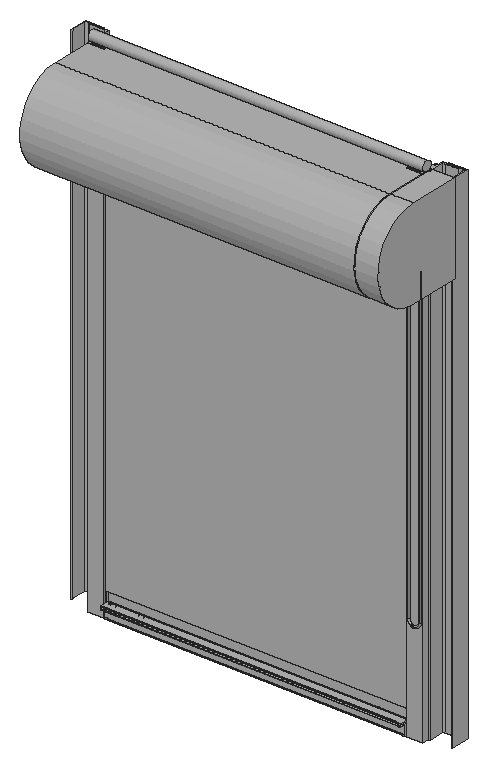
Revit family "Door-Fire_AlarmGard_BetweenJambMount_Cookson", category Doors, host Wall, Revit 2013
Parameters (values of type "Hand-Chain Operated, Galvanized Steel")
  Sizing Disclaimer = "30’ wide, 30’ high standard construction. Large Openings to 50’ wide, 40’ high consult factory. "  # constant formula
  Revit Object Download Link = "http://cornellcookson.smartbim.com/download/Door_Fire_AlarmGard_BetweenJambMount_Cookson"
  Mounting = "Between Jambs"  # constant formula
  Motor = no
  Function = Interior
  Curtain 2 5/8" slat = Galvanized steel (curtain only)
  Chain = yes
  Bottom Bar = Galvanized or plain steel(non curtain components)
  Guides = Galvanized or plain steel(non curtain components)
  Hood = Galvanized or plain steel(non curtain components)
  URL Specifications = "http://www.cooksondoor.com/docs/default-source/Specifications/fire-door-specification_k.doc"
  URL Photographs = "http://www.cooksondoor.com/product/rolling-fire-doors"
  URL CAD = "http://www.cooksondoor.com/architect-tools-and-resources/drawing-generator?prod=fire"
  URL = "http://www.cooksondoor.com/product/rolling-fire-doors"
  Subcategory = "Overhead Doors"  # constant formula
  Optional Powder Coated Finish, standard RAL colors, Galv. Steel only = no
  Operator = Operator : Hand-Chain
  Representative Disclaimer = "Cookson products are sold and installed through a nationwide network of independent distributors."  # constant formula
  Distributor Locator = "http://www.cooksondoor.com/find-a-dealer"
  Operator Width = (Width - 2 * 0' 2 1/4")  # 5' - 7 1/2"
  Operation = ""
  From Coil Side Operate on Right = yes
  From Coil Side Operate on Left = not(From Coil Side Operate on Right)  # no
  Model = "ERD10 "  # constant formula
  Manufacturer = "CornellCookson,Inc."  # constant formula
  LEED Information = "http://www.cornelliron.com/architect-tools-and-resources/leed-information"
  Height = 8' - 0"
  Wall Closure = By host
  Width = 6' - 0"
  Description = "Rated physical fire barriers, also security and access control. Not for part of required means of egress."  # constant formula
  Operator Height = Height / 1.5  # 5' - 4"
  Assembly Code = "B2030410"
  95 CSI = "08330"  # constant formula
  Wall Construction = "Masonry or Steel"  # constant formula
  Listings = "UL Classified 4, 3, 1 ½, 1 and ¾ hour labels. Factory Mutual approval listing."  # constant formula
  Smoke Control = "UL leakage rated assembly “S” label available. "  # constant formula
  Windload = "A full range of specific wind load requirements available- consult Cornell. "  # constant formula
  Coil Dimension Note = "14In to 25In -  Consult Cornell when dimensions are critical."  # constant formula
  Jamb Dimension Note = "7 3/4In to 11In wide. Consult Cornell when dimensions are critical."  # constant formula
  04 CSI = "08 33 00"  # constant formula
Types (4): name | Motor | Curtain 2 5/8" slat | Chain | Bottom Bar | Guides | Hood | Operator
  Hand-Chain Operated, Galvanized Steel | no | Galvanized steel (curtain only) | yes | Galvanized or plain steel(non curtain components) | Galvanized or plain steel(non curtain components) | Galvanized or plain steel(non curtain components) | Operator : Hand-Chain
  Hand-Chain Operated, Stainless Steel | no | Stainless steel (curtain only) | yes | Stainless steel (non-curtain components) | Stainless steel (non-curtain components) | Stainless steel (non-curtain components) | Operator : Hand-Chain
  Motor Operated, Galvanized Steel | yes | Galvanized steel (curtain only) | no | Galvanized or plain steel(non curtain components) | Galvanized or plain steel(non curtain components) | Galvanized or plain steel(non curtain components) | Operator : Motor Operator
  Motor Operated, Stainless Steel | yes | Stainless steel (curtain only) | no | Stainless steel (non-curtain components) | Stainless steel (non-curtain components) | Stainless steel (non-curtain components) | Operator : Motor Operator
Reference planes (in)
  plane 1 "Center (Front/Back)": y = 0
  plane 2 "Center (Left/Right)": x = 36
  plane 3 "Left": x = 0
  plane 4 "Right": x = 72
  plane 5 "Top": z = 96
  plane 6 "Wall Edge": y = -3
  plane 7 "Left Edge of Hood": x = -6.75
  plane 8: y = -3
  plane 9 "Right Edge of Hood": x = 78.75
  plane 10 "Top of Hood": z = 118.35156
  plane 11: y = -21
  plane 12: z = 101
  plane 13 "Bottom Bar Alignment": y = -4.8765
  plane 14: z = 4.39975
  plane 15: y = -2.12013
  plane 16: x = 6.25135
  plane 17: x = 65.74865
  plane 18: x = 4.9375
  plane 19: z = 4.39975
  plane 20: x = 69.75
  plane 21: y = -10.65733
  plane 22: y = -18.31465
  plane 23: z = 87.32422
  plane 24: z = 78.64844
  plane 25: x = -3
  plane 26: y = -19.12488
  plane 27: y = -30.49988
  plane 28: y = -19.12488
Forms (in)
  Sweep 1, solid, material "Galvanized or plain steel(non curtain components)" <- "Hood"
    path origin (0, -3, -22) x (-1, 0, 0) y (0, 0, 1)
      loop
        line (-67.5, 101) -> (-4.5, 101)
    profile "Profile_Hood : Profile_Hood" origin (36, -3, 79) x (0, 0, 1) y (0, 1, 0)
      loop
        line (17.00521, 1.875) -> (0, 1.875) -> (0, -7.16941)
        arc (0, -7.16941) -> (-1.75191, -7.3972) -> (0, -7.625) r 0.89077
        arc (0, -7.625) -> (8.5, -16.125) -> (17, -7.625) r 8.5
        line (17, -7.625) -> (17, 0.77714)
        arc (17, 0.77714) -> (18.75706, 0.97356) -> (17.00521, 1.21203) r 0.89077
        line (17.00521, 1.21203) -> (17.00521, 1.875)
  Sweep 2, solid, material "Galvanized or plain steel(non curtain components)" <- "Bottom Bar"
    path origin (-8.76514, -3, 48) x (-1, 0, 0) y (0, 0, 1)
      loop
        line (-73.01514, -48) -> (-16.51514, -48)
    profile "Profile_BottomBar : Profile_BottomBar" origin (36, -3, 0) x (0, 0, 1) y (0, 1, 0)
      loop
        arc (2.58725, 1.01891) -> (2.54306, 1.03721) -> (2.52475, 1.08141) r 0.0625
        line (2.52475, 1.08141) -> (2.52475, 2.83141)
        arc (2.52475, 2.83141) -> (2.50644, 2.8756) -> (2.46225, 2.89391) r 0.0625
        line (2.46225, 2.89391) -> (2.39975, 2.89391) -> (2.39975, 0.89391) -> (2.33875, 0.89391) -> (2.33875, 1.03591)
        arc (2.33875, 1.03591) -> (2.24825, 1.12641) -> (2.15775, 1.03591) r 0.0905
        line (2.15775, 1.03591) -> (2.15775, 0.94141) -> (2.09375, 0.94141) -> (2.09375, 2.72516) -> (1.96875, 2.72516) -> (1.96875, 1.97516)
        arc (1.96875, 1.97516) -> (1.93214, 1.88677) -> (1.84375, 1.85016) r 0.125
        line (1.84375, 1.85016) -> (0.25, 1.85016)
        arc (0.25, 1.85016) -> (0.07322, 1.77693) -> (0, 1.60016) r 0.25
        line (0, 1.60016) -> (0, 0.10016)
        arc (0, 0.10016) -> (0.07322, -0.07662) -> (0.25, -0.14984) r 0.25
        line (0.25, -0.14984) -> (1.84375, -0.14984)
        arc (1.84375, -0.14984) -> (1.93214, -0.18646) -> (1.96875, -0.27484) r 0.125
        line (1.96875, -0.27484) -> (1.96875, -1.02484) -> (2.09375, -1.02484) -> (2.09375, 0.81641) -> (2.15775, 0.81641) -> (2.15775, 0.72191)
        arc (2.15775, 0.72191) -> (2.24825, 0.63141) -> (2.33875, 0.72191) r 0.0905
        line (2.33875, 0.72191) -> (2.33875, 0.86391) -> (2.39975, 0.86391) -> (2.39975, -1.13609) -> (2.46225, -1.13609)
        arc (2.46225, -1.13609) -> (2.50644, -1.11779) -> (2.52475, -1.07359) r 0.0625
        line (2.52475, -1.07359) -> (2.52475, 0.67641)
        arc (2.52475, 0.67641) -> (2.54306, 0.7206) -> (2.58725, 0.73891) r 0.0625
        line (2.58725, 0.73891) -> (4.33725, 0.73891)
        arc (4.33725, 0.73891) -> (4.38144, 0.75721) -> (4.39975, 0.80141) r 0.0625
        line (4.39975, 0.80141) -> (4.39975, 0.95641)
        arc (4.39975, 0.95641) -> (4.38144, 1.0006) -> (4.33725, 1.01891) r 0.0625
        line (4.33725, 1.01891) -> (2.58725, 1.01891)
  Extrusion 3, solid, material "Galvanized or plain steel(non curtain components)" <- "Hood"
    sketch origin (0, -0.73439, 101.99245) x (1, 0, 0) y (0, 1, 0)
      loop
        line (4.9375, -0.39061) -> (67.0625, -0.39061) -> (67.0625, -0.26561) -> (4.9375, -0.26561) -> (4.9375, -0.39061)
    from -23.34401 to -5.99245
  Extrusion 4, solid, material "Galvanized steel (curtain only)" <- "Curtain 2 5/8" slat"
    sketch origin (0, 0, 0) x (1, 0, 0) y (0, 1, 0)
      loop
        line (5.5625, -1.875) -> (5.5625, -2.5) -> (66.4375, -2.5) -> (66.4375, -1.875) -> (5.5625, -1.875)
    from 4.39975 to 78.64844
Lines and regions (in)
  Opening 1
    outline origin (-90, -3, 0) x (1, 0, 0) y (0, 0, 1)
      loop
        line (90, 0) -> (162, 0) -> (162, 96) -> (90, 96) -> (90, 0)
  symbolic lines, style "Roller Chamber"
    curve 1: line (4.5, -3, 0) -> (0, -3, 0)
    curve 2: line (72, -3, 0) -> (67.5, -3, 0)
  symbolic lines, style "Doors"
    curve 3: line (66.4375, -1.875, 0) -> (5.5625, -1.875, 0)
    curve 4: line (5.5625, -1.875, 0) -> (5.5625, -2.5, 0)
    curve 5: line (5.5625, -2.5, 0) -> (66.4375, -2.5, 0)
    curve 6: line (66.4375, -2.5, 0) -> (66.4375, -1.875, 0)
    curve 7: line (64.25, -0.10609, 0) -> (7.75, -0.10609, 0)
    curve 8: line (64.25, -4.13609, 0) -> (64.25, -2.5, 0)
    curve 9: line (7.75, -4.13609, 0) -> (64.25, -4.13609, 0)
    curve 10: line (7.75, -0.10609, 0) -> (7.75, -1.875, 0)
    curve 11: line (7.75, -2.5, 0) -> (7.75, -4.13609, 0)
    curve 12: line (64.25, -1.875, 0) -> (64.25, -0.10609, 0)
Text (in)
  text "Exterior" at (-74.96733, 27.31104, 0), in view "Ref. Level"
  text "Interior" at (-74.96733, -25.14366, 0), in view "Ref. Level"
  text "Exterior" at (0, 40.15149, 123.01588), in view "Right"
  text "Interior" at (0, -64.39139, 123.01588), in view "Right"
  text "Interior" at (0, -63.63426, 123.00693), in view "Left"
  text "Exterior" at (0, 54.57065, 123.00693), in view "Left"
Dimensions and locks (in)
  equal spacing: plane 3 "Left", plane 2 "Center (Left/Right)", plane 4 "Right"
  "Height": level to plane 5 "Top"
  "Width": plane 3 "Left" to plane 4 "Right"
  locked: plane 7 "Left Edge of Hood" to plane 3 "Left" at 6.75
  locked: plane 8 to plane 6 "Wall Edge"
  locked: plane 9 "Right Edge of Hood" to plane 4 "Right" at 6.75
  locked: plane 8 to plane 11 at 18
  locked: plane 12 to plane 5 "Top" at 5
  locked: plane 10 "Top of Hood" to plane 12 at 17.35156
  locked: plane 13 "Bottom Bar Alignment" to plane 8 at 1.8765
  locked: level to plane 14 at 4.39975
  locked: plane 15 to host wall at 2.12013
  locked: plane 3 "Left" to plane 16 at 6.25135
  locked: plane 17 to plane 4 "Right" at 6.25135
  locked: Extrusion 3 sketch curve to Extrusion 3 sketch curve at 0.125
  locked: Extrusion 3 to Extrusion 3 at 0.125
  locked: plane 18 to plane 16 at 1.31385
  locked: level to plane 19 at 4.39975
  Extrusion 3 to Extrusion 3 = 1' - 5 45/128"
  equal spacing: Sweep 1, plane 20, plane 4 "Right"
  equal spacing: plane 6 "Wall Edge", plane 21, plane 22
  locked: plane 8 to plane 22 at 15.31465
  equal spacing: plane 5 "Top", plane 23, plane 24
  locked: plane 5 "Top" to plane 24 at 17.35156
  plane 25 to plane 3 "Left" to Sweep 1 = 0' - 3", 0' - 4 1/2"
  locked: plane 11 to plane 26 at 1.87512
  locked: Sweep 1 to Extrusion 3 sketch curve at 0
  locked: plane 18 to Extrusion 4 sketch curve at 0.625
  locked: Extrusion 4 sketch curve to nested 2 at 0.625
  locked: nested 2 to Extrusion 4 sketch curve at 0.25
  locked: Extrusion 4 sketch curve to Extrusion 4 sketch curve at 0.625
  Sweep 1 to Sweep 1 = 1' - 5"
  locked: plane 28 to plane 27 at 11.375
  locked: host wall to plane 28 at 16.12488
  aligned and locked: plane 3 "Left" to Opening 1 sketch curve
  aligned and locked: plane 5 "Top" to Opening 1 sketch curve  (x2)
  aligned and locked: Opening 1 sketch curve to plane 4 "Right"
  aligned and locked: Opening 1 sketch curve to level
  aligned and locked: plane 6 "Wall Edge" to host wall
  aligned and locked: plane 8 to nested 1
  aligned and locked: nested 2 to plane 8
  aligned and locked: nested 1 to Sweep 1 sketch curve
  aligned and locked: nested 2 to Sweep 1 sketch curve
  aligned and locked: plane 3 "Left" to nested 1
  aligned and locked: plane 4 "Right" to nested 2
  aligned and locked: plane 18 to nested 1
  aligned and locked: nested 1 to Extrusion 3
  aligned and locked: Extrusion 3 to nested 2
  aligned and locked: nested 2 to Sweep 2 sketch curve
  aligned and locked: nested 1 to Sweep 2 sketch curve
  aligned and locked: plane 3 "Left" to curve 1
  aligned and locked: Sweep 1 to curve 1
  aligned and locked: plane 6 "Wall Edge" to curve 1
  aligned and locked: plane 4 "Right" to curve 2
  aligned and locked: plane 6 "Wall Edge" to curve 2
  aligned and locked: Extrusion 4 to plane 19
  aligned and locked: Extrusion 4 to plane 24
  aligned and locked: plane 26 to nested 3  (x2)
  aligned and locked: nested 3 to plane 5 "Top"
  aligned and locked: plane 27 to nested 3
  aligned and locked: plane 28 to nested 3
  aligned and locked: Sweep 1 to plane 5 "Top"
  aligned and locked: plane 2 "Center (Left/Right)" to nested 3
  aligned and locked: plane 24 to Extrusion 3
  aligned and locked: Extrusion 3 to plane 5 "Top"
  aligned and locked: Sweep 1 to curve 2
  aligned and locked: level to nested 2
  aligned and locked: nested 1 to level
  aligned and locked: plane 19 to Sweep 2
  aligned and locked: curve 3 to Extrusion 4
  aligned and locked: curve 4 to Extrusion 4
  aligned and locked: curve 5 to Extrusion 4
  aligned and locked: curve 6 to Extrusion 4
  aligned and locked: curve 8 to Sweep 2
  aligned and locked: Sweep 2 to curve 9
  aligned and locked: curve 10 to Sweep 2
Automatic sketch dimensions
  Sweep 1 sketch curve to plane 24 = 0' - 0 45/128"
  Sweep 2 sketch curve to level = 0' - 0"
  Extrusion 3 sketch curve to plane 18 = 0' - 0"
  plane 17 to Extrusion 3 sketch curve = 0' - 1.31385"
  curve 4 to plane 18 = 0' - 0 5/8"
  plane 15 to curve 6 = 0' - 0.24513"
  plane 17 to curve 6 = 0' - 0.68885"
  host wall to curve 7 = 0' - 0.10609"
  curve 11 to plane 15 = 0' - 0.37987"
  plane 15 to curve 12 = 0' - 0.24513"
  curve 12 to plane 17 = 0' - 1.49865"
  curve 8 to plane 15 = 0' - 0.37987"
  curve 11 to plane 16 = 0' - 1.49865"
  plane 15 to curve 10 = 0' - 0.24513"
Nested families (in)
  nested 1: "Jamb_Guide-Wall" at (2.25, 1.75, 0), type "Guide"
  nested 2: "Jamb_Guide-Wall" at (69.75, 1.75, 0) x (-1, 0, 0) z (0, 0, 1), type "Guide"
  nested 3: "Operator" at (36, -1.12488, 23.50391), type <- "Operator", type "Hand-Chain"
Definition of nested family "Jamb_Guide-Wall"
  Parameters (values of type "Guide")
    Height = 8' - 0"
    Guide = Galvanized or plain steel(non curtain components)
    Assembly Code = ""
  Reference planes (in)
    plane 1 "Center (Front/Back)": y = 0
    plane 2: z = 0
    plane 3 "Center (Left/Right)": x = 0
    plane 4: z = 96
    plane 5 "Center Line": x = 4.5
    plane 6: y = -0.25
    plane 7: y = -3.75
    plane 8: y = -3.5
    plane 9: x = 5.5
    plane 10: x = -2.25
    plane 11: y = 0.25
    plane 12: y = -4.75
    plane 13: y = -2.25
  Forms (in)
    Extrusion 1, solid, material "Galvanized or plain steel(non curtain components)" <- "Guide"
      sketch origin (0, 0, 0) x (1, 0, 0) y (0, 1, 0)
        loop
          line (-1, -0.25) -> (1.625, -0.25)
          arc (1.625, -0.25) -> (1.89017, -0.35983) -> (2, -0.625) r 0.375
          line (2, -0.625) -> (2, -3.25)
          arc (2, -3.25) -> (2.07322, -3.42678) -> (2.25, -3.5) r 0.25
          line (2.25, -3.5) -> (2.25, -4.75) -> (5.25, -4.75)
          arc (5.25, -4.75) -> (5.17678, -4.57322) -> (5, -4.5) r 0.25
          line (5, -4.5) -> (2.875, -4.5)
          arc (2.875, -4.5) -> (2.60983, -4.39017) -> (2.5, -4.125) r 0.375
          line (2.5, -4.125) -> (2.5, -3.062) -> (4, -3.062) -> (4, -3.4375) -> (4.75, -3.4375) -> (4.75, -3.062) -> (5.5, -3.062)
          arc (5.5, -3.062) -> (5.44508, -2.92942) -> (5.3125, -2.8745) r 0.1875
          line (5.3125, -2.8745) -> (3, -2.8745)
          arc (3, -2.8745) -> (2.77903, -2.78297) -> (2.6875, -2.562) r 0.3125
          line (2.6875, -2.562) -> (2.6875, -1.2495)
          arc (2.6875, -1.2495) -> (2.63258, -1.11692) -> (2.5, -1.062) r 0.1875
          line (2.5, -1.062) -> (2.5, -1.5)
          arc (2.5, -1.5) -> (2.42678, -1.32322) -> (2.25, -1.25) r 0.25
          line (2.25, -1.25) -> (2.25, 0) -> (-1.25, 0)
          arc (-1.25, 0) -> (-1.17678, -0.17678) -> (-1, -0.25) r 0.25
      from 0 to 96
    Extrusion 2, solid, material "Galvanized or plain steel(non curtain components)" <- "Guide"
      sketch origin (0, 0.25, 0) x (-1, 0, 0) y (0, -1, 0)
        loop
          arc (-1, 0.25) -> (-1.17678, 0.17678) -> (-1.25, 0) r 0.25
          line (-1.25, 0) -> (2.25, 0) -> (2.25, 3.5)
          arc (2.25, 3.5) -> (2.07322, 3.42678) -> (2, 3.25) r 0.25
          line (2, 3.25) -> (2, 0.625)
          arc (2, 0.625) -> (1.89017, 0.35983) -> (1.625, 0.25) r 0.375
          line (1.625, 0.25) -> (-1, 0.25)
      from 0 to 96
  Lines and regions (in)
    symbolic lines
      curve 1: line (2.25, 0, 0) -> (2.25, -4.75, 0)
      curve 2: line (2.5, -3.5, 0) -> (2.5, -1.5, 0)
      curve 3: line (4, -3.062, 0) -> (4.75, -3.062, 0)
    symbolic lines, style "GenericModel"
      curve 4: line (-2, -3, 0) -> (-2, -0.375, 0)
      curve 5: arc (-2.25, -3.25, 0) -> (-2.07322, -3.17678, 0) -> (-2, -3, 0) r 0.25
      curve 6: line (-2.25, 0.25, 0) -> (-2.25, -3.25, 0)
      curve 7: line (1.25, 0.25, 0) -> (-2.25, 0.25, 0)
      curve 8: arc (-2, -0.375, 0) -> (-1.89017, -0.10983, 0) -> (-1.625, 0, 0) r 0.375
      curve 9: line (-1.625, 0, 0) -> (1, 0, 0)
      curve 10: arc (1, 0, 0) -> (1.17678, 0.07322, 0) -> (1.25, 0.25, 0) r 0.25
      curve 11: line (2.25, 0, 0) -> (-1.25, 0, 0)
      curve 12: line (-1, -0.25, 0) -> (1.625, -0.25, 0)
      curve 13: arc (-1.25, 0, 0) -> (-1.17678, -0.17678, 0) -> (-1, -0.25, 0) r 0.25
      curve 14: arc (1.625, -0.25, 0) -> (1.89017, -0.35983, 0) -> (2, -0.625, 0) r 0.375
      curve 15: line (2.25, -1.25, 0) -> (2.25, 0, 0)
      curve 16: line (2, -0.625, 0) -> (2, -3.25, 0)
      curve 17: arc (2, -3.25, 0) -> (2.07322, -3.42678, 0) -> (2.25, -3.5, 0) r 0.25
      curve 18: arc (2.5, -1.5, 0) -> (2.42678, -1.32322, 0) -> (2.25, -1.25, 0) r 0.25
      curve 19: line (2.5, -1.062, 0) -> (2.5, -1.5, 0)
      curve 20: arc (2.6875, -1.2495, 0) -> (2.63258, -1.11692, 0) -> (2.5, -1.062, 0) r 0.1875
      curve 21: line (2.6875, -2.562, 0) -> (2.6875, -1.2495, 0)
      curve 22: arc (3, -2.8745, 0) -> (2.77903, -2.78297, 0) -> (2.6875, -2.562, 0) r 0.3125
      curve 23: line (5.3125, -2.8745, 0) -> (3, -2.8745, 0)
      curve 24: line (2.5, -3.062, 0) -> (4, -3.062, 0)
      curve 25: line (4, -3.062, 0) -> (4, -3.4375, 0)
      curve 26: line (4, -3.4375, 0) -> (4.75, -3.4375, 0)
      curve 27: line (4.75, -3.4375, 0) -> (4.75, -3.062, 0)
      curve 28: line (4.75, -3.062, 0) -> (5.5, -3.062, 0)
      curve 29: arc (5.5, -3.062, 0) -> (5.44508, -2.92942, 0) -> (5.3125, -2.8745, 0) r 0.1875
      curve 30: arc (2.875, -4.5, 0) -> (2.60983, -4.39017, 0) -> (2.5, -4.125, 0) r 0.375
      curve 31: line (5, -4.5, 0) -> (2.875, -4.5, 0)
      curve 32: line (2.5, -4.125, 0) -> (2.5, -3.062, 0)
      curve 33: arc (5.25, -4.75, 0) -> (5.17678, -4.57322, 0) -> (5, -4.5, 0) r 0.25
      curve 34: line (2.25, -4.75, 0) -> (5.25, -4.75, 0)
      curve 35: line (2.25, -3.5, 0) -> (2.25, -4.75, 0)
  Dimensions and locks (in)
    "Height": plane 4 to plane 2
    locked: plane 3 "Center (Left/Right)" to plane 5 "Center Line" at 4.5
    equal spacing: plane 11, plane 13, plane 12
    aligned and locked: plane 2 to level
    aligned and locked: plane 1 "Center (Front/Back)" to Extrusion 1 sketch curve
    aligned and locked: plane 6 to Extrusion 1
    aligned and locked: plane 4 to Extrusion 1
    aligned and locked: curve 1 to Extrusion 1
    aligned and locked: plane 8 to curve 2
    aligned and locked: Extrusion 1 to curve 2
    aligned and locked: Extrusion 1 to curve 3
    aligned and locked: plane 4 to Extrusion 2
    aligned and locked: curve 4 to Extrusion 2
    aligned and locked: curve 5 to Extrusion 2
    aligned and locked: curve 6 to Extrusion 2
    aligned and locked: curve 7 to Extrusion 2
    aligned and locked: curve 8 to Extrusion 2
    aligned and locked: curve 10 to Extrusion 2
    aligned and locked: curve 11 to Extrusion 1
    aligned and locked: curve 13 to Extrusion 1
    aligned and locked: curve 14 to Extrusion 1
    aligned and locked: curve 15 to Extrusion 1
    aligned and locked: curve 17 to Extrusion 1
    aligned and locked: curve 18 to Extrusion 1
    aligned and locked: curve 19 to Extrusion 1
    aligned and locked: curve 20 to Extrusion 1
    aligned and locked: curve 22 to Extrusion 1
    aligned and locked: curve 24 to Extrusion 1
    aligned and locked: curve 25 to Extrusion 1
    aligned and locked: curve 26 to Extrusion 1
    aligned and locked: curve 27 to Extrusion 1
    aligned and locked: curve 28 to Extrusion 1
    aligned and locked: curve 29 to Extrusion 1
    aligned and locked: curve 30 to Extrusion 1
    aligned and locked: curve 33 to Extrusion 1
    aligned and locked: curve 34 to Extrusion 1
    aligned and locked: curve 35 to Extrusion 1
  Automatic sketch dimensions
    Extrusion 1 sketch curve to plane 6 = 0' - 0"
    Extrusion 1 sketch curve to plane 8 = 0' - 0"
    Extrusion 1 sketch curve to plane 3 "Center (Left/Right)" = 0' - 1 1/4"
    Extrusion 1 sketch curve to plane 6 = 0' - 0 3/8"
    plane 3 "Center (Left/Right)" to Extrusion 1 sketch curve = 0' - 1 5/8"
    Extrusion 1 sketch curve to Extrusion 1 sketch curve = 0' - 0 1/4"  (x5)
    Extrusion 1 sketch curve to Extrusion 1 sketch curve = 0' - 0 3/16"  (x2)
    Extrusion 1 sketch curve to Extrusion 1 sketch curve = 0' - 0 3/8"
    Extrusion 1 sketch curve to Extrusion 1 sketch curve = 0' - 0 5/16"
    Extrusion 1 sketch curve to plane 5 "Center Line" = 0' - 0 1/2"
    plane 5 "Center Line" to Extrusion 1 sketch curve = 0' - 0 1/4"
    plane 5 "Center Line" to Extrusion 1 sketch curve = 0' - 0 1/2"
    Extrusion 1 sketch curve to Extrusion 1 sketch curve = 0' - 0 9/16"
    plane 7 to Extrusion 1 sketch curve = 0' - 0 3/8"
    Extrusion 1 sketch curve to plane 8 = 0' - 0 1/16"
    Extrusion 1 sketch curve to Extrusion 1 sketch curve = 0' - 0.3755"  (x2)
    Extrusion 1 sketch curve to Extrusion 1 sketch curve = 0' - 0 7/8"
    Extrusion 1 sketch curve to Extrusion 1 sketch curve = 0' - 0.2505"
    Extrusion 2 sketch curve to plane 1 "Center (Front/Back)" = 0' - 0 1/4"
    plane 6 to Extrusion 2 sketch curve = 0' - 0 1/4"
    plane 3 "Center (Left/Right)" to Extrusion 2 sketch curve = 0' - 1 1/4"
    Extrusion 2 sketch curve to plane 6 = 0' - 0 1/8"
    Extrusion 2 sketch curve to plane 3 "Center (Left/Right)" = 0' - 1 5/8"
    Extrusion 2 sketch curve to plane 8 = 0' - 0 1/4"
    Extrusion 2 sketch curve to Extrusion 2 sketch curve = 0' - 0 1/4"
    curve 4 to plane 8 = 0' - 0 1/2"
    curve 5 to plane 10 = 0' - 0"
    curve 11 to curve 12 = 0' - 0 1/4"
    curve 2 to curve 15 = 0' - 0 1/4"
Definition of nested family "Operator"
  Parameters (values of type "Motor Operator")
    Width = 6' - 0"
    Straight = no
    Right Visibility = yes
    Operator Height = 5' - 4"
    Motor Visibility = not(Motor)  # no
    Motor = yes
    Material = Galvanized or plain steel(non curtain components)
    Left Visibility = no
    Chain = no
    Bottom Bar = Galvanized or plain steel(non curtain components)
    Assembly Code = ""
  Types (2): name | Straight | Motor Visibility | Motor | Chain
    Hand-Chain | yes | yes | no | yes
    Motor Operator | no | no | yes | no
  Reference planes (in)
    plane 1 "Center (Front/Back)": y = 0
    plane 2: z = 0
    plane 3 "Center (Left/Right)": x = 0
    plane 4: x = 36
    plane 5: x = -36
    plane 6: x = 31.5
    plane 7: x = -31.5
    plane 8: y = -18
  Lines and regions (in)
    symbolic lines, style "GenericModelHiddenLines", visible <- "Right Visibility"
      curve 1: line (-31.5, -18, 0) -> (10.5, -18, 0)
    symbolic lines, style "GenericModelHiddenLines", visible <- "Left Visibility"
      curve 2: line (-10.5, -18, 0) -> (31.5, -18, 0)
    symbolic lines, style "GenericModelHiddenLines", visible <- "Straight"
      curve 3: line (-31.5, -18, 0) -> (31.5, -18, 0)
    symbolic lines, style "GenericModelHiddenLines", visible <- "Motor Visibility"
      curve 4: line (-31.5, -18, 0) -> (31.5, -18, 0)
    symbolic lines, style "GenericModelHiddenLines"
      curve 5: line (-31.5, -18, 0) -> (-31.5, -1.875, 0)
      curve 6: line (31.5, -18, 0) -> (31.5, -1.875, 0)
  Dimensions and locks (in)
    equal spacing: plane 5, plane 3 "Center (Left/Right)", plane 4
    "Width": plane 5 to plane 4
    locked: plane 6 to plane 4 at 4.5
    locked: plane 5 to plane 7 at 4.5
    locked: plane 1 "Center (Front/Back)" to plane 8 at 18
    locked: curve 5 to plane 1 "Center (Front/Back)" at 1.875
    locked: curve 6 to plane 1 "Center (Front/Back)" at 1.875
    aligned and locked: nested 2 to nested 1  (x2)
    aligned and locked: nested 3 to plane 8
    aligned and locked: nested 2 to plane 8
    aligned and locked: nested 1 to plane 6
    aligned and locked: nested 3 to plane 7
    aligned and locked: nested 4 to plane 7
    aligned and locked: nested 4 to plane 8
    aligned and locked: nested 1 to curve 1
    aligned and locked: curve 1 to plane 8
    aligned and locked: nested 4 to curve 2
    aligned and locked: curve 2 to plane 8
    aligned and locked: plane 6 to curve 4
    aligned and locked: curve 5 to plane 7
    aligned and locked: plane 8 to curve 6
  Nested families (in)
    nested 1: "Pull-Down-Pole" at (37.375, -8.5, 0), visible <- "Right Visibility", type "Right Operator"
    nested 2: "Motor" at (10.5, -18, 0), visible <- "Right Visibility", type "Motor"
    nested 3: "Motor" at (-31.5, -18, 0), visible <- "Left Visibility", type "Motor 2"
    nested 4: "Pull-Down-Pole" at (-37.375, -8.5, 0) x (-1, 0, 0) z (0, 0, 1), visible <- "Left Visibility", type "Left Operator"
  Definition of nested family "Pull-Down-Pole"
    Parameters (values of type "Left Operator")
      Motor = yes
      Material = Galvanized or plain steel(non curtain components)
      Height = 5' - 4"
      Chain = no
      Bottom Bar = Galvanized or plain steel(non curtain components)
      Assembly Code = ""
    Types (2): name
      Left Operator
      Right Operator
    Reference planes (in)
      plane 1 "Center (Front/Back)": y = 0
      plane 2: z = 0
      plane 3 "Center (Left/Right)": x = 0
      plane 4: z = 64
      plane 5: y = -9.5
      plane 6: y = -20.875
      plane 7: x = -26.875
    Forms (in)
      Extrusion 1, solid, material "Galvanized or plain steel(non curtain components)" <- "Material", visible <- "Motor"
        sketch origin (0, 0, 0) x (1, 0, 0) y (0, 0, 1)
          loop
            line (-26.875, 72.49609) -> (-26.875, 55.49609) -> (-5.875, 55.49609) -> (-5.875, 72.49609) -> (-26.875, 72.49609)
        from 9.5 to 20.875
      Sweep 2, solid, material "Galvanized or plain steel(non curtain components)" <- "Material", visible <- "Chain"
        path origin (0, 2, 0) x (1, 0, 0) y (0, 0, 1)
          loop
            line (-4.875, 64) -> (-4.875, 0)
            arc (-4.875, 0) -> (-3.75, -1.125) -> (-2.625, 0) r 1.125
            line (-2.625, 0) -> (-2.625, 64)
        profile origin (-4.875, 2, 32) x (0, -1, 0) y (1, 0, 0)
          loop
            circle (0, 0) r 0.15023
      Extrusion 3, solid, material "Galvanized or plain steel(non curtain components)" <- "Bottom Bar", visible <- "Chain"
        sketch origin (54.75, -180, 26.95339) x (0, 0, 1) y (0, -1, 0)
          loop
            line (28.56386, -188.5) -> (45.54661, -188.5) -> (45.54661, -179)
            arc (45.54661, -179) -> (37.31743, -170.50432) -> (28.56386, -178.45863) r 8.5
            line (28.56386, -178.45863) -> (28.56386, -188.5)
        from -56.125 to -60.625
    Dimensions and locks (in)
      "Height": plane 4 to level
      locked: Extrusion 1 sketch curve to Extrusion 1 sketch curve at 21
      locked: plane 4 to Extrusion 1 sketch curve at 8.50391
      locked: Extrusion 1 sketch curve to plane 4 at 8.49609
      locked: plane 1 "Center (Front/Back)" to plane 5 at 9.5
      locked: plane 5 to plane 6 at 11.375
      locked: Sweep 2 sketch curve to Extrusion 1 at 1
      locked: plane 3 "Center (Left/Right)" to Extrusion 3 at 1.375
      locked: Extrusion 3 to Extrusion 1 at 0
      locked: plane 3 "Center (Left/Right)" to Extrusion 1 sketch curve at 5.875
      aligned and locked: plane 5 to Extrusion 1
      aligned and locked: plane 6 to Extrusion 1
      aligned and locked: level to Sweep 2 sketch curve
      aligned and locked: plane 4 to Sweep 2 sketch curve  (x2)
    Automatic sketch dimensions
      Sweep 2 sketch curve to plane 1 "Center (Front/Back)" = 0' - 2"
      Sweep 2 sketch curve to profile plane = 0' - 0"
      Sweep 2 sketch curve to Sweep 2 sketch curve = 0' - 1 1/8"
      plane 5 to Extrusion 3 sketch curve = 0' - 7.95863"
      Extrusion 3 sketch curve to Extrusion 3 sketch curve = 0' - 8.48274"
      Extrusion 3 sketch curve to plane 4 = 0' - 8.48274"
      plane 4 to Extrusion 3 sketch curve = 0' - 8 1/2"
      Extrusion 3 sketch curve to plane 1 "Center (Front/Back)" = 0' - 8 1/2"
      radius of Sweep 2 sketch curve = 0' - 0.15023"
  Definition of nested family "Motor"
    Parameters
      Motor = yes
    Reference planes (in)
      plane 1 "Center (Front/Back)": y = 0
      plane 2: z = 0
      plane 3 "Center (Left/Right)": x = 0
    Lines and regions (in)
      symbolic lines, style "GenericModelHiddenLines", visible <- "Motor"
        curve 1: line (0, 0, 0) -> (0, -11.375, 0)
        curve 2: line (0, -11.375, 0) -> (21, -11.375, 0)
        curve 3: line (21, -11.375, 0) -> (21, 0, 0)
